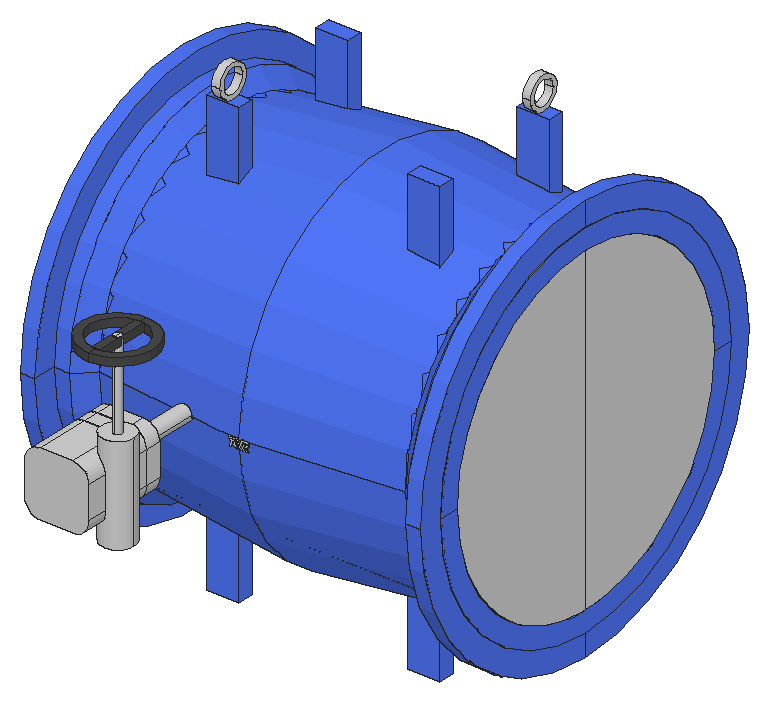
Revit family "872-00-001-DN80-1600", category Pipe Accessories, Revit 2019
Family settings
  Round Connector Dimension = Use Diameter
  Part Type = Valve - Breaks Into
  Work Plane-Based = No
  Always vertical = Yes
  Cut with Voids When Loaded = No
  Shared = No
Parameters (values of type "DN0800_PN16")
  W = size_lookup(Search_Table, "W", 0 mm, DN)  # 1335 mm
  Search_Table = "872-00-001-DN80-1600"
  Ring_Dia_2 = Ring_Dia - 20 mm  # 60 mm
  Ring_Dia = (H3 - H3_ref)  # 80 mm
  Rf_Dia = size_lookup(Search_Table, "Rf_Dia", 0 mm, DN)  # 450 mm
  RF_Thick = 3 mm  # constant formula
  L2 = L / 4  # 250 mm
  L1 = L / 2 - Flange_thickness  # 460 mm
  L = size_lookup(Search_Table, "L", 0 mm, DN)  # 1000 mm
  ID_ref_3 = ID_ref * 1.5  # 240 mm
  ID_ref_4 = ID_ref_2  # 80 mm
  ID_ref_2 = ID_ref / 2  # 80 mm
  ID_ref = size_lookup(Search_Table, "ID_ref", 0 mm, DN)  # 160 mm
  ID = DN / 2  # 400.5 mm
  H3_ref = size_lookup(Search_Table, "H3", 0 mm, DN) - ID_ref_4  # 1100 mm
  H3 = size_lookup(Search_Table, "H3", 0 mm, DN)  # 1180 mm
  Flange_thickness_ref_2 = Flange_thickness_ref / 2  # 10 mm
  Flange_thickness_ref = Flange_thickness / 2  # 20 mm
  Flange_thickness = size_lookup(Search_Table, "Flange_thickness", 0 mm, DN)  # 40 mm
  DN = 801 mm
  Fillet_thickness = if(DN > 199 mm, Flange_thickness, if(DN > 49 mm, Flange_thickness / 2, Flange_thickness / 2))  # 40 mm
  FOD_ref_2 = FOD / 3  # 169.167 mm
  FOD_ref = ID + Body_wallthickness  # 410.5 mm
  FOD = size_lookup(Search_Table, "FOD", 0 mm, DN) / 2  # 507.5 mm
  URL product pages = "https://www.avkvalves.com/P.aspx?no=87200800010900100100"
  Description_ = "AVK NEEDLE VALVE"
  DN900_PN16 = "872-0900-00-10100100000"
  DN900_PN10 = "872-0900-00-00100100000"
  DN800_PN16 = "872-0800-00-10100100000"
  DN800_PN10 = "872-0800-00-00100100000"
  DN700_PN16 = "872-0700-00-10100100000"
  DN700_PN10 = "872-0700-00-00100100000"
  DN600_PN16 = "872-0600-00-10100100000"
  DN600_PN10 = "872-0600-00-00100100000"
  DN500_PN16 = "872-0500-00-10100100000"
  DN500_PN10 = "872-0500-00-00100100000"
  DN450_PN16 = "872-0450-00-10100100000"
  DN450_PN10 = "872-0450-00-00100100000"
  DN400_PN16 = "872-0400-00-10100100000"
  DN400_PN10 = "872-0400-00-00100100000"
  DN350_PN16 = "872-0350-00-10100100000"
  DN350_PN10 = "872-0350-00-00100100000"
  DN300_PN16 = "872-0300-00-10100100000"
  DN300_PN10 = "872-0300-00-00100100000"
  DN250_PN16 = "872-0250-00-10100100000"
  DN250_PN10 = "872-0250-00-00100100000"
  DN200_PN16 = "872-0200-00-10100100000"
  DN200_PN10 = "872-0200-00-00100100000"
  DN1600_PN16 = "872-1600-00-10100100000"
  DN1600_PN10 = "872-1600-00-00100100000"
  DN150_PN10/16 = "872-0150-00-10900100100"
  DN1400_PN16 = "872-1400-00-10100100000"
  DN1400_PN10 = "872-1400-00-00100100000"
  DN1200_PN16 = "872-1200-00-10100100000"
  DN1200_PN10 = "872-1200-00-00100100000"
  DN100_PN10/16 = "872-0100-00-10900100100"
  DN1000_PN16 = "872-1000-00-10100100000"
  DN1000_PN10 = "872-1000-00-00100100000"
  DN080_PN10/16 = "872-0080-00-10900100100"
  D = size_lookup(Search_Table, "D", 0 mm, DN)  # 350 mm
  Body_wallthickness = 10 mm  # constant formula
  B = size_lookup(Search_Table, "B", 0 mm, DN)  # 335 mm
  A_ref = (FOD + A + W) / 2  # 1246.25 mm
  A = size_lookup(Search_Table, "A", 0 mm, DN)  # 650 mm
  (A_ref+W)/2 = (A_ref + W) / 2  # 1290.625 mm
Types (34, lengths in mm): name | W | Ring_Dia_2 | Ring_Dia | Rf_Dia | L2 | L1 | L | ID_ref_3 | ID_ref_4 | ID_ref_2 | ID_ref | ID | H3_ref | H3 | Flange_thickness_ref_2 | Flange_thickness_ref | Flange_thickness | DN | Fillet_thickness | FOD_ref_2 | FOD_ref | FOD | D | B | A_ref | A | (A_ref+W)/2
  (no name) | 1335 | 60 | 80 | 450 | 250 | 460 | 1000 | 240 | 80 | 80 | 160 | 400.5 | 1100 | 1180 | 10 | 20 | 40 | 801 | 40 | 169.167 | 410.5 | 507.5 | 350 | 335 | 1246.25 | 650 | 1290.625
  DN0080_PN10/16 | 330 | 15 | 35 | 66 | 65 | 111 | 260 | 105 | 35 | 35 | 70 | 40 | 195 | 230 | 4.75 | 9.5 | 19 | 80 | 9.5 | 31.667 | 50 | 95 | 100 | 117 | 275 | 125 | 302.5
  DN0100_PN10/16 | 360 | 15 | 35 | 78 | 75 | 131 | 300 | 105 | 35 | 35 | 70 | 50 | 195 | 230 | 4.75 | 9.5 | 19 | 100 | 9.5 | 36.667 | 60 | 110 | 120 | 117 | 307.5 | 145 | 333.75
  DN0150_PN10/16 | 425 | 15 | 35 | 106 | 87.5 | 156 | 350 | 105 | 35 | 35 | 70 | 75 | 260 | 295 | 4.75 | 9.5 | 19 | 150 | 9.5 | 47.5 | 85 | 142.5 | 135 | 150 | 371.25 | 175 | 398.125
  DN0200_PN10 | 500 | 25 | 45 | 133 | 100 | 180 | 400 | 135 | 45 | 45 | 90 | 100 | 380 | 425 | 5 | 10 | 20 | 200 | 20 | 56.667 | 110 | 170 | 150 | 150 | 445 | 220 | 472.5
  DN0200_PN16 | 500 | 27.5 | 47.5 | 133 | 100 | 180 | 400 | 142.5 | 47.5 | 47.5 | 95 | 100.05 | 377.5 | 425 | 5 | 10 | 20 | 200.1 | 20 | 56.667 | 110.05 | 170 | 150 | 150 | 445 | 220 | 472.5
  DN0250_PN10 | 565 | 40 | 60 | 160 | 112.5 | 203 | 450 | 180 | 60 | 60 | 120 | 125 | 415 | 475 | 5.5 | 11 | 22 | 250 | 22 | 66.667 | 135 | 200 | 165 | 150 | 512.5 | 260 | 538.75
  DN0250_PN16 | 570 | 40 | 60 | 160 | 112.5 | 203 | 450 | 180 | 60 | 60 | 120 | 125.05 | 415 | 475 | 5.5 | 11 | 22 | 250.1 | 22 | 66.667 | 135.05 | 200 | 165 | 150 | 515 | 260 | 542.5
  DN0300_PN10 | 655 | 45 | 65 | 185 | 125 | 225.5 | 500 | 195 | 65 | 65 | 130 | 150 | 470 | 535 | 6.125 | 12.25 | 24.5 | 300 | 24.5 | 75.833 | 160 | 227.5 | 185 | 155 | 593.75 | 305 | 624.375
  DN0300_PN16 | 655 | 45 | 65 | 185 | 125 | 225.5 | 500 | 195 | 65 | 65 | 130 | 150.05 | 470 | 535 | 6.125 | 12.25 | 24.5 | 300.1 | 24.5 | 75.833 | 160.05 | 227.5 | 185 | 155 | 593.75 | 305 | 624.375
  DN0350_PN10 | 720 | 55 | 75 | 215 | 137.5 | 248.5 | 550 | 225 | 75 | 75 | 150 | 175 | 520 | 595 | 6.625 | 13.25 | 26.5 | 350 | 26.5 | 86.667 | 185 | 260 | 205 | 170 | 662.5 | 345 | 691.25
  DN0350_PN16 | 725 | 55 | 75 | 215 | 137.5 | 248.5 | 550 | 225 | 75 | 75 | 150 | 175.05 | 520 | 595 | 6.625 | 13.25 | 26.5 | 350.1 | 26.5 | 86.667 | 185.05 | 260 | 205 | 170 | 665 | 345 | 695
  DN0400_PN10 | 825 | 55 | 75 | 240 | 150 | 272 | 600 | 225 | 75 | 75 | 150 | 200 | 585 | 660 | 7 | 14 | 28 | 400 | 28 | 96.667 | 210 | 290 | 235 | 300 | 750 | 385 | 787.5
  DN0400_PN16 | 825 | 55 | 75 | 240 | 150 | 272 | 600 | 225 | 75 | 75 | 150 | 200.05 | 585 | 660 | 7 | 14 | 28 | 400.1 | 28 | 96.667 | 210.05 | 290 | 235 | 300 | 750 | 385 | 787.5
  DN0450_PN10 | 875 | 55 | 75 | 274 | 162.5 | 295 | 650 | 225 | 75 | 75 | 150 | 225 | 670 | 745 | 7.5 | 15 | 30 | 450 | 30 | 106.667 | 235 | 320 | 240 | 300 | 805 | 415 | 840
  DN0450_PN16 | 885 | 55 | 75 | 274 | 162.5 | 295 | 650 | 225 | 75 | 75 | 150 | 225.05 | 670 | 745 | 7.5 | 15 | 30 | 450.1 | 30 | 106.667 | 235.05 | 320 | 240 | 300 | 810 | 415 | 847.5
  DN0500_PN10 | 935 | 55 | 75 | 291 | 175 | 318.5 | 700 | 225 | 75 | 75 | 150 | 250 | 710 | 785 | 7.875 | 15.75 | 31.5 | 500 | 31.5 | 119.167 | 260 | 357.5 | 245 | 300 | 868.75 | 445 | 901.875
  DN0500_PN16 | 950 | 55 | 75 | 291 | 175 | 318.5 | 700 | 225 | 75 | 75 | 150 | 250.05 | 710 | 785 | 7.875 | 15.75 | 31.5 | 500.1 | 31.5 | 119.167 | 260.05 | 357.5 | 245 | 300 | 876.25 | 445 | 913.125
  DN0600_PN10 | 1060 | 60 | 80 | 360 | 200 | 364 | 800 | 240 | 80 | 80 | 160 | 300 | 845 | 925 | 9 | 18 | 36 | 600 | 36 | 140 | 310 | 420 | 280 | 300 | 992.5 | 505 | 1026.25
  DN0600_PN16 | 1070 | 60 | 80 | 360 | 200 | 364 | 800 | 240 | 80 | 80 | 160 | 300.05 | 845 | 925 | 9 | 18 | 36 | 600.1 | 36 | 140 | 310.05 | 420 | 280 | 300 | 997.5 | 505 | 1033.75
  DN0700_PN10 | 1185 | 60 | 80 | 397 | 225 | 410 | 900 | 240 | 80 | 80 | 160 | 350 | 965 | 1045 | 10 | 20 | 40 | 700 | 40 | 149.167 | 360 | 447.5 | 315 | 305 | 1098.75 | 565 | 1141.875
  DN0700_PN16 | 1185 | 60 | 80 | 397 | 225 | 410 | 900 | 240 | 80 | 80 | 160 | 350.05 | 965 | 1045 | 10 | 20 | 40 | 700.1 | 40 | 151.667 | 360.05 | 455 | 315 | 305 | 1102.5 | 565 | 1143.75
  DN0800_PN10 | 1335 | 60 | 80 | 450 | 250 | 460 | 1000 | 240 | 80 | 80 | 160 | 400 | 1100 | 1180 | 10 | 20 | 40 | 800 | 40 | 169.167 | 410 | 507.5 | 350 | 305 | 1246.25 | 650 | 1290.625
  DN0800_PN16 | 1335 | 60 | 80 | 450 | 250 | 460 | 1000 | 240 | 80 | 80 | 160 | 400.5 | 1100 | 1180 | 10 | 20 | 40 | 801 | 40 | 169.167 | 410.5 | 507.5 | 350 | 335 | 1246.25 | 650 | 1290.625
  DN0900_PN10 | 1440 | 65 | 85 | 500 | 275 | 510 | 1100 | 255 | 85 | 85 | 170 | 450 | 1235 | 1320 | 10 | 20 | 40 | 900 | 40 | 185.833 | 460 | 557.5 | 385 | 335 | 1356.25 | 715 | 1398.125
  DN0900_PN16 | 1440 | 65 | 85 | 500 | 275 | 510 | 1100 | 255 | 85 | 85 | 170 | 450 | 1235 | 1320 | 10 | 20 | 40 | 900 | 40 | 185.833 | 460 | 557.5 | 385 | 335 | 1356.25 | 715 | 1398.125
  DN1000_PN10 | 1590 | 70 | 90 | 556 | 300 | 560 | 1200 | 270 | 90 | 90 | 180 | 500 | 1400 | 1490 | 10 | 20 | 40 | 1000 | 40 | 205 | 510 | 615 | 400 | 510 | 1482.5 | 760 | 1536.25
  DN1000_PN16 | 1590 | 70 | 90 | 556 | 300 | 560 | 1200 | 270 | 90 | 90 | 180 | 500 | 1400 | 1490 | 10 | 20 | 40 | 1000 | 40 | 205 | 510 | 615 | 400 | 510 | 1482.5 | 760 | 1536.25
  DN1200_PN10 | 1810 | 70 | 90 | 666 | 350 | 660 | 1400 | 270 | 90 | 90 | 180 | 600 | 1620 | 1710 | 10 | 20 | 40 | 1200 | 40 | 242.5 | 610 | 727.5 | 415 | 510 | 1703.75 | 870 | 1756.875
  DN1200_PN16 | 1810 | 70 | 90 | 666 | 350 | 650 | 1400 | 270 | 90 | 90 | 180 | 600.05 | 1620 | 1710 | 12.5 | 25 | 50 | 1200.1 | 50 | 247.5 | 610.05 | 742.5 | 415 | 510 | 1711.25 | 870 | 1760.625
  DN1400_PN10 | 2100 | 75 | 95 | 763 | 400 | 750 | 1600 | 285 | 95 | 95 | 190 | 700 | 1865 | 1960 | 12.5 | 25 | 50 | 1400 | 50 | 279.167 | 710 | 837.5 | 480 | 510 | 1968.75 | 1000 | 2034.375
  DN1400_PN16 | 2100 | 75 | 95 | 763 | 400 | 750 | 1600 | 285 | 95 | 95 | 190 | 700.05 | 1865 | 1960 | 12.5 | 25 | 50 | 1400.1 | 50 | 280.833 | 710.05 | 842.5 | 480 | 610 | 1971.25 | 1000 | 2035.625
  DN1600_PN10 | 2440 | 75 | 95 | 875 | 450 | 850 | 1800 | 285 | 95 | 95 | 190 | 800 | 2135 | 2230 | 12.5 | 25 | 50 | 1600 | 50 | 319.167 | 810 | 957.5 | 625 | 610 | 2275.25 | 1153 | 2357.625
  DN1600_PN16 | 2440 | 75 | 95 | 875 | 450 | 840 | 1800 | 285 | 95 | 95 | 190 | 800.05 | 2135 | 2230 | 15 | 30 | 60 | 1600.1 | 60 | 321.667 | 810.05 | 965 | 625 | 741 | 2279 | 1153 | 2359.5
Reference planes
  plane 1 "Center (Front/Back)": y = 0
  plane 2: z = 0
  plane 3 "Center (Left/Right)": x = 0
  plane 4: y = 450
  plane 5: y = 410.5
  plane 6: x = -460
  plane 7: x = -420
  plane 8: x = -380
  plane 9: x = 460
  plane 10: x = 420
  plane 11: x = 380
  plane 12: z = 550
  plane 13: z = -550
  plane 14: x = -250
  plane 15: x = 250
  plane 16: y = 507.5
  plane 17: y = -507.5
  plane 18: y = 169.167
  plane 19: y = -169.167
  plane 20: y = -827.5
  plane 21: y = -650
  plane 22: x = -500
  plane 23: x = 275
  plane 24: x = -150
  plane 25: z = 80
  plane 26: x = -70
  plane 27: z = -80
  plane 28: x = -230
  plane 29: x = -190
  plane 30: z = 40
  plane 31: x = -110
  plane 32: z = 40
  plane 33: z = -40
  plane 34: x = -190
  plane 35: x = -110
  plane 36: z = -40
  plane 37: x = -230
  plane 38: x = -70
  plane 39: y = -192.875
  plane 40: y = -1141.875
  plane 41: x = 500
  plane 42: y = -738.75
  plane 43: z = 120
  plane 44: z = -120
  plane 45: z = 335
  plane 46: x = -26.25
  plane 47: x = 21.25
  plane 48: y = -728.75
  plane 49: y = -748.75
  plane 50: y = -670
  plane 51: y = -807.5
  plane 52: y = -650
  plane 53: z = 630
  plane 54: z = 590
  plane 55: z = 590
  plane 56: z = -507.5
  plane 57: x = -240
  plane 58: x = -260
  plane 59: x = 240
  plane 60: x = 260
Forms (mm)
  Revolve 1, solid, material "Plastic"
    sketch origin (0, 0, 0) x (1, 0, 0) y (0, 1, 0)
      loop
        line (-460, 507.5) -> (-500, 507.5) -> (-500, 400.5) -> (500, 400.5) -> (500, 507.5) -> (460, 507.5) -> (460, 410.5) -> (-460, 410.5) -> (-460, 507.5)
      axis (500, 0) -> (-500, 0)
    angle from 0 to 360
  Revolve 2, solid, material "Plastic"
    sketch origin (0, 0, 0) x (1, 0, 0) y (0, 1, 0)
      loop
        line (-460, 410.5) -> (-380, 410.5) -> (-420, 450) -> (-460, 450) -> (-460, 410.5)
      loop
        line (460, 410.5) -> (460, 450) -> (420, 450) -> (380, 410.5) -> (460, 410.5)
      axis (-460, 0) -> (460, 0)
    angle from 0 to 360
  Revolve 3, solid, material "Plastic"
    sketch origin (0, 0, 0) x (1, 0, 0) y (0, 1, 0)
      loop
        line (-380, 410.5) -> (380, 410.5)
        arc (380, 410.5) -> (191.03, 440.158) -> (0, 450) r 1836.585
        arc (0, 450) -> (-191.03, 440.158) -> (-380, 410.5) r 1836.585
      axis (-380, 0) -> (380, 0)
    angle from 0 to 360
  Extrusion 4, solid, material "Plastic"
    sketch origin (0, 0, 0) x (1, 0, 0) y (0, 1, 0)
      loop
        line (-290, 189.167) -> (-290, 149.167) -> (-210, 149.167) -> (-210, 189.167) -> (-290, 189.167)
      loop
        line (210, 189.167) -> (210, 149.167) -> (290, 149.167) -> (290, 189.167) -> (210, 189.167)
      loop
        line (-290, -149.167) -> (-290, -189.167) -> (-210, -189.167) -> (-210, -149.167) -> (-290, -149.167)
      loop
        line (210, -149.167) -> (210, -189.167) -> (290, -189.167) -> (290, -149.167) -> (210, -149.167)
    from -550 to 550
  Extrusion 5, solid, material "Stainless Steel AISI 304"
    sketch origin (0, 0, 0) x (1, 0, 0) y (0, 0, 1)
      loop
        circle (-150, 0) r 20
    from 0 to 650
  Extrusion 6, solid, material "Stainless Steel AISI 304"
    sketch origin (0, 0, 0) x (1, 0, 0) y (0, 0, 1)
      loop
        arc (-190, 80) -> (-218.284, 68.284) -> (-230, 40) r 40
        line (-230, 40) -> (-230, -40)
        arc (-230, -40) -> (-218.284, -68.284) -> (-190, -80) r 40
        line (-190, -80) -> (-110, -80)
        arc (-110, -80) -> (-81.716, -68.284) -> (-70, -40) r 40
        line (-70, -40) -> (-70, 40)
        arc (-70, 40) -> (-81.716, 68.284) -> (-110, 80) r 40
        line (-110, 80) -> (-190, 80)
    from 610 to 650
  Extrusion 7, solid, material "Stainless Steel AISI 304"
    sketch origin (0, 0, 0) x (1, 0, 0) y (0, 0, 1)
      loop
        arc (-190, 80) -> (-218.284, 68.284) -> (-230, 40) r 40
        line (-230, 40) -> (-230, -40)
        arc (-230, -40) -> (-218.284, -68.284) -> (-190, -80) r 40
        line (-190, -80) -> (-110, -80)
        arc (-110, -80) -> (-81.716, -68.284) -> (-70, -40) r 40
        line (-70, -40) -> (-70, 40)
        arc (-70, 40) -> (-81.716, 68.284) -> (-110, 80) r 40
        line (-110, 80) -> (-190, 80)
    from 690 to 650
  Extrusion 8, solid, material "Stainless Steel AISI 304"
    sketch origin (0, 0, 0) x (1, 0, 0) y (0, 0, 1)
      loop
        line (-110, 80) -> (-190, 80)
        arc (-190, 80) -> (-218.284, 68.284) -> (-230, 40) r 40
        line (-230, 40) -> (-230, -40)
        arc (-230, -40) -> (-218.284, -68.284) -> (-190, -80) r 40
        line (-190, -80) -> (-110, -80)
        arc (-110, -80) -> (-81.716, -68.284) -> (-70, -40) r 40
        line (-70, -40) -> (-70, 40)
        arc (-70, 40) -> (-81.716, 68.284) -> (-110, 80) r 40
    from 690 to 827.5
  Extrusion 9, solid, material "Stainless Steel AISI 304"
    sketch origin (0, 0, 0) x (1, 0, 0) y (0, 1, 0)
      loop
        circle (-70, -738.75) r 40
    from -120 to 120
  Revolve 10, solid, material "Stainless Steel AISI 304"
    sketch origin (-70, -1524, 0) x (0, 0, -1) y (0, -1, 0)
      loop
        line (-335, -785.25) -> (-335, -795.25) -> (-120, -795.25) -> (-120, -785.25) -> (-335, -785.25)
      axis (-335, -785.25) -> (-120, -785.25)
    angle from 0 to 360
  Revolve 11, solid, material "Stainless Steel AISI 304(1)"
    sketch origin (-70, -1524, 0) x (0, 0, -1) y (0, -1, 0)
      loop
        line (-335, -854) -> (-335, -874) -> (-315, -874) -> (-315, -854) -> (-335, -854)
      axis (-335, -785.25) -> (-315, -785.25)
    angle from 0 to 360
  Extrusion 12, solid, material "Stainless Steel AISI 304(1)"
    sketch origin (0, 0, 0) x (1, 0, 0) y (0, 1, 0)
      loop
        line (-80, -670) -> (-80, -807.5) -> (-60, -807.5) -> (-60, -670) -> (-80, -670)
    from 315 to 335
  Extrusion 13, solid, material "Stainless Steel AISI 304"
    sketch origin (-250, 75.864, 1200) x (0, 1, 0) y (0, 0, 1)
      loop
        circle (93.303, -610) r 40
      loop
        circle (93.303, -610) r 30
    from 490 to 510
  Extrusion 14, solid, material "Stainless Steel AISI 304"
    sketch origin (-250, 75.864, 1200) x (0, 1, 0) y (0, 0, 1)
      loop
        circle (-245.03, -610) r 40
      loop
        circle (-245.03, -610) r 30
    from -10 to 10
  Revolve 15, solid, material "Stainless Steel AISI 304"
    sketch origin (0, 0, 0) x (1, 0, 0) y (0, 0, 1)
      loop
        line (-500, 400.5) -> (-500, 0) -> (500, 0) -> (500, 400.5) -> (-500, 400.5)
      axis (-500, 0) -> (500, 0)
    angle from 0 to 360
  Revolve 16, void
    sketch origin (0, 0, 0) x (1, 0, 0) y (0, 0, 1)
      loop
        line (500, 507.5) -> (497, 507.5) -> (497, 450) -> (500, 450) -> (500, 507.5)
      loop
        line (-500, 507.5) -> (-500, 450) -> (-497, 450) -> (-497, 507.5) -> (-500, 507.5)
      axis (500, 0) -> (-500, 0)
    angle from 0 to 360
Cuts and joins
  Revolve 16 cuts Revolve 1
Dimensions and locks
  equal spacing: Revolve 1 sketch curve, plane 3 "Center (Left/Right)", Revolve 1 sketch curve
  "L": Revolve 1 sketch curve to Revolve 1 sketch curve
  "Flange_thickness": Revolve 1 sketch curve to Revolve 1 sketch curve  (x2)
  "Body_wallthickness": Revolve 1 sketch curve to Revolve 1 sketch curve
  "ID": plane 1 "Center (Front/Back)" to Revolve 1 sketch curve
  "Rf_Dia": plane 1 "Center (Front/Back)" to plane 4
  "FOD_ref": plane 5 to plane 1 "Center (Front/Back)"
  "L1": plane 6 to plane 3 "Center (Left/Right)"
  "Flange_thickness": plane 6 to plane 7
  "Flange_thickness": plane 7 to plane 8
  "L1": plane 3 "Center (Left/Right)" to plane 9
  "Flange_thickness": plane 10 to plane 9
  "Flange_thickness": plane 11 to plane 10
  "FOD": plane 1 "Center (Front/Back)" to Revolve 1 sketch curve
  equal spacing: plane 12, level, plane 13
  "H3_ref": plane 12 to plane 13
  equal spacing: plane 14, plane 3 "Center (Left/Right)", plane 15
  "L2": plane 14 to plane 3 "Center (Left/Right)"
  "FOD": plane 1 "Center (Front/Back)" to plane 16
  equal spacing: plane 17, plane 1 "Center (Front/Back)", plane 16
  equal spacing: plane 18, plane 1 "Center (Front/Back)", plane 19
  "FOD_ref_2": plane 18 to plane 1 "Center (Front/Back)"
  equal spacing: Extrusion 4 sketch curve, plane 18, Extrusion 4 sketch curve  (x2)
  equal spacing: Extrusion 4 sketch curve, plane 19, Extrusion 4 sketch curve  (x2)
  "Flange_thickness": Extrusion 4 sketch curve to Extrusion 4 sketch curve  (x4)
  equal spacing: Extrusion 4 sketch curve, plane 14, Extrusion 4 sketch curve  (x2)
  equal spacing: Extrusion 4 sketch curve, plane 15, Extrusion 4 sketch curve  (x2)
  "Flange_thickness": Extrusion 4 sketch curve to plane 14  (x2)
  "Flange_thickness": plane 15 to Extrusion 4 sketch curve  (x2)
  "W": plane 20 to plane 16
  "A": plane 21 to plane 1 "Center (Front/Back)"
  plane 12 to plane 13 = 1100 mm
  "D": plane 22 to plane 24
  "D": plane 22 to Extrusion 5 sketch curve
  "Fillet_thickness": plane 25 to plane 32
  "Fillet_thickness": plane 36 to plane 27
  "Fillet_thickness": plane 26 to plane 35
  "Fillet_thickness": plane 34 to plane 28
  "Fillet_thickness": plane 33 to plane 27
  "Fillet_thickness": plane 25 to plane 30
  "Fillet_thickness": plane 29 to plane 28
  "Fillet_thickness": plane 31 to plane 26
  equal spacing: plane 26, plane 24, plane 28
  equal spacing: plane 25, level, plane 27
  "ID_ref": plane 26 to plane 28
  "ID_ref": plane 25 to plane 27
  "Flange_thickness": plane 21 to Extrusion 6
  "Flange_thickness": Extrusion 7 to plane 21
  equal spacing: plane 37, plane 24, plane 38
  "ID_ref": plane 37 to plane 38
  equal spacing: plane 22, plane 3 "Center (Left/Right)", plane 41
  "L": plane 22 to plane 41
  "A_ref": plane 42 to plane 16
  "A_ref": Extrusion 9 sketch curve to plane 16
  "ID_ref": plane 37 to Extrusion 9 sketch curve
  "ID_ref_3": plane 43 to plane 44
  equal spacing: plane 43, level, plane 44
  "B": plane 45 to level
  equal spacing: plane 49, plane 42, plane 48
  "Flange_thickness_ref": plane 49 to plane 48
  "Flange_thickness_ref": plane 45 to Revolve 11 sketch curve
  "Flange_thickness_ref": Revolve 11 sketch curve to Revolve 11 sketch curve
  "Flange_thickness_ref": plane 51 to plane 20
  equal spacing: plane 52, plane 42, plane 20
  "Flange_thickness_ref": plane 52 to plane 50
  equal spacing: Extrusion 12 sketch curve, plane 38, Extrusion 12 sketch curve
  "Flange_thickness_ref": Extrusion 12 sketch curve to Extrusion 12 sketch curve
  equal spacing: plane 53, plane 54, plane 12
  equal spacing: plane 53, plane 55, plane 12
  "FOD_ref_2": plane 1 "Center (Front/Back)" to Extrusion 13 sketch curve
  "FOD": level to plane 56
  "H3": plane 53 to plane 13
  "FOD_ref_2": Extrusion 14 sketch curve to plane 1 "Center (Front/Back)"
  "Flange_thickness_ref_2": plane 14 to plane 58
  "Flange_thickness_ref_2": plane 57 to plane 14
  "Flange_thickness_ref_2": plane 15 to plane 59
  "Flange_thickness_ref_2": plane 60 to plane 15
  "ID": Revolve 15 sketch curve to level
  "FOD": Revolve 16 sketch curve to level
  "Rf_Dia": Revolve 16 sketch curve to level
  "RF_Thick": cut or joined group of Revolve 1, Revolve 16 to Revolve 16 sketch curve
  "RF_Thick": Revolve 16 sketch curve to cut or joined group of Revolve 1, Revolve 16
  plane 53 to plane 13 = 1180 mm
  "Flange_thickness": diameter of Extrusion 5 sketch curve
  "ID_ref_2": diameter of Extrusion 9 sketch curve
  "Ring_Dia": diameter of Extrusion 13 sketch curve
  "Ring_Dia_2": diameter of Extrusion 13 sketch curve
  "Ring_Dia": diameter of Extrusion 14 sketch curve
  "Ring_Dia_2": diameter of Extrusion 14 sketch curve
  aligned and locked: level to plane 2
  aligned and locked: plane 1 "Center (Front/Back)" to Revolve 1 sketch curve
  aligned and locked: plane 5 to Revolve 2 sketch curve  (x2)
  aligned and locked: plane 4 to Revolve 2 sketch curve
  aligned and locked: plane 1 "Center (Front/Back)" to Revolve 2 sketch curve
  aligned and locked: plane 6 to Revolve 2 sketch curve
  aligned and locked: Revolve 2 sketch curve to plane 4  (x3)
  aligned and locked: Revolve 2 sketch curve to plane 7
  aligned and locked: Revolve 2 sketch curve to plane 6
  aligned and locked: plane 8 to Revolve 2 sketch curve
  aligned and locked: Revolve 2 sketch curve to plane 10
  aligned and locked: Revolve 2 sketch curve to plane 9  (x2)
  aligned and locked: Revolve 2 sketch curve to plane 5  (x2)
  aligned and locked: Revolve 2 sketch curve to plane 11
  aligned and locked: Revolve 1 sketch curve to Revolve 1 sketch curve
  aligned and locked: plane 8 to Revolve 3 sketch curve
  aligned and locked: plane 5 to Revolve 3 sketch curve
  aligned and locked: plane 4 to Revolve 3 sketch curve
  aligned and locked: Revolve 3 sketch curve to plane 11
  aligned and locked: plane 3 "Center (Left/Right)" to Revolve 3 sketch curve
  aligned and locked: Revolve 3 sketch curve to plane 5
  aligned and locked: plane 1 "Center (Front/Back)" to Revolve 3 sketch curve
  aligned and locked: plane 12 to Extrusion 4
  aligned and locked: Extrusion 4 to plane 13
  aligned and locked: Extrusion 5 to plane 21
  aligned and locked: plane 29 to Extrusion 6 sketch curve
  aligned and locked: plane 25 to Extrusion 6 sketch curve  (x2)
  aligned and locked: plane 30 to Extrusion 6 sketch curve
  aligned and locked: plane 28 to Extrusion 6 sketch curve  (x2)
  aligned and locked: plane 31 to Extrusion 6 sketch curve
  aligned and locked: plane 26 to Extrusion 6 sketch curve  (x2)
  aligned and locked: plane 32 to Extrusion 6 sketch curve
  aligned and locked: plane 36 to Extrusion 6 sketch curve
  aligned and locked: plane 27 to Extrusion 6 sketch curve  (x2)
  aligned and locked: plane 35 to Extrusion 6 sketch curve
  aligned and locked: plane 34 to Extrusion 6 sketch curve
  aligned and locked: Extrusion 6 sketch curve to plane 33
  aligned and locked: Extrusion 6 to plane 21
  aligned and locked: Extrusion 7 sketch curve to Extrusion 6  (x4)
  aligned and locked: Extrusion 7 to plane 21
  aligned and locked: Extrusion 8 sketch curve to Extrusion 7  (x4)
  aligned and locked: Extrusion 8 to plane 20
  aligned and locked: Extrusion 8 to Extrusion 7
  aligned and locked: plane 43 to Extrusion 9
  aligned and locked: plane 44 to Extrusion 9
  aligned and locked: Revolve 10 sketch curve to plane 45
  aligned and locked: plane 42 to Revolve 10 sketch curve
  aligned and locked: plane 43 to Revolve 10 sketch curve
  aligned and locked: Revolve 10 sketch curve to plane 48
  aligned and locked: Revolve 10 sketch curve to Revolve 10 sketch curve
  aligned and locked: Revolve 10 to Revolve 11 sketch curve
  aligned and locked: Revolve 11 sketch curve to plane 21
  aligned and locked: Revolve 11 sketch curve to plane 42
  aligned and locked: plane 52 to Extrusion 6
  aligned and locked: Extrusion 12 sketch curve to plane 50
  aligned and locked: plane 51 to Extrusion 12 sketch curve
  aligned and locked: plane 45 to Extrusion 12
  aligned and locked: Extrusion 12 to Revolve 11
  aligned and locked: plane 57 to Extrusion 14
  aligned and locked: Extrusion 14 to plane 58
  aligned and locked: Extrusion 13 to plane 59
  aligned and locked: plane 60 to Extrusion 13
  aligned and locked: Revolve 15 sketch curve to Revolve 1  (x3)
  aligned and locked: Revolve 15 sketch curve to Revolve 15 sketch curve
  aligned and locked: Revolve 16 sketch curve to Revolve 16 sketch curve  (x2)
  aligned and locked: plane 41 to Revolve 16 sketch curve
  aligned and locked: level to Revolve 16 sketch curve
Automatic sketch dimensions
  Revolve 2 sketch curve to plane 3 "Center (Left/Right)" = 13 mm
  plane 3 "Center (Left/Right)" to Revolve 2 sketch curve = 22 mm
  Revolve 3 sketch curve to plane 3 "Center (Left/Right)" = 1.145 mm
  plane 3 "Center (Left/Right)" to Revolve 3 sketch curve = 1.145 mm
  Revolve 3 sketch curve to plane 3 "Center (Left/Right)" = 30 mm
  plane 3 "Center (Left/Right)" to Revolve 3 sketch curve = 50 mm
  Revolve 1 sketch curve to plane 3 "Center (Left/Right)" = 0 mm
  Revolve 1 sketch curve to Revolve 1 sketch curve = 0.413 mm
  Extrusion 5 sketch curve to level = 0 mm
  Revolve 10 sketch curve to plane 12 = 6.75 mm
  plane 53 to Revolve 10 sketch curve = 6.25 mm
  Revolve 11 sketch curve to plane 12 = 11.75 mm
  plane 53 to Revolve 11 sketch curve = 4.5 mm
  Extrusion 13 sketch curve to Extrusion 13 sketch curve = 0 mm  (x2)
  plane 54 to Extrusion 13 sketch curve = 0 mm
  Extrusion 14 sketch curve to Extrusion 14 sketch curve = 0 mm  (x2)
  Extrusion 14 sketch curve to plane 54 = 0 mm
  Revolve 15 sketch curve to plane 3 "Center (Left/Right)" = 0 mm
  Revolve 15 sketch curve to plane 47 = 8.75 mm
  Revolve 16 sketch curve to plane 22 = 0 mm
  plane 3 "Center (Left/Right)" to Revolve 16 sketch curve = 1.6 mm
  Revolve 16 sketch curve to plane 47 = 16.75 mm
Nested families
  nested 1: "LOGO - Copy - Copy" at (0.857, -448.889, -31.604) x (1, -0.0002, 0) z (-0.0002, -0.9975, -0.0702), type "LOGO - Copy - Copy"
Connectors
  piping at (500, 0, 0), diameter 801, driven by "DN"
    settings: on Revolve 1, index 1, connector inside diameter 609.6 mm, connector length 0 mm, flow factor 0, pipe flow 0.0 L/s, pressure drop 0.0 Pa, fitting loss kfactor 0, connector angle 0.00°, fixture units 0, engagement length 0 mm, angle of deflection 0.00°, flow configuration 0, flow direction 0, fitting loss method 0, system type 7, joint type 0, gender type 0, connector reference index -1, connector utility 0, adjustable connector no, is connector primary yes, connector description ""
  piping at (-500, 0, 0), diameter 801, driven by "DN"
    settings: on Revolve 1, index 2, connector inside diameter 609.6 mm, connector length 0 mm, flow factor 0, pipe flow 0.0 L/s, pressure drop 0.0 Pa, fitting loss kfactor 0, connector angle 0.00°, fixture units 0, engagement length 0 mm, angle of deflection 0.00°, flow configuration 0, flow direction 0, fitting loss method 0, system type 7, joint type 0, gender type 0, connector reference index -1, connector utility 0, adjustable connector no, is connector primary no, connector description ""
Definition of nested family "LOGO - Copy - Copy"
  Parameters (values of type "LOGO - Copy - Copy")
    Default Elevation = 1219.2 mm
  Reference planes
    plane 1 "Center (Front/Back)": y = 0
    plane 2: z = 0
    plane 3 "Center (Left/Right)": x = 0
  Forms (mm)
    Extrusion 1, solid
      sketch origin (0, 0, 0) x (1, 0, 0) y (0, 1, 0)
        loop
          line (-1219.2, 1219.2) -> (-1219.2, -1219.2) -> (1219.2, -1219.2) -> (1219.2, 1219.2) -> (-1219.2, 1219.2)
      from 0 to -304.8
    Extrusion 2, solid
      sketch origin (0, 0, 0) x (1, 0, 0) y (0, 1, 0)
        loop
          line (-6.514, 34.224) -> (-24, 34.224) -> (-24, 29.481) -> (-9.766, 29.481) -> (-2.391, 11.367) -> (2.391, 11.367) -> (9.766, 29.481) -> (24, 29.481) -> (24, 34.224) -> (6.514, 34.224) -> (0, 18.224) -> (-6.514, 34.224)
        loop
          line (-10.996, 27.653) -> (-24, 27.653) -> (-24, 23.081) -> (-19.503, 23.081) -> (-24, 11.367) -> (-18.92, 11.367) -> (-17.955, 13.881) -> (-10.51, 13.881) -> (-9.486, 11.367) -> (-4.365, 11.367) -> (-10.996, 27.653)
        loop
          line (-16.777, 18.224) -> (-12.278, 18.224) -> (-14.594, 23.912) -> (-16.777, 18.224)
        loop
          line (4.365, 11.367) -> (9.486, 11.367) -> (12.093, 17.77) -> (16.918, 11.367) -> (22.857, 11.367) -> (17.399, 18.61)
          arc (17.399, 18.61) -> (20.583, 20.18) -> (22.629, 23.081) r 7.2
          line (22.629, 23.081) -> (24, 23.081) -> (24, 27.653) -> (19.429, 27.653)
          arc (19.429, 27.653) -> (17.763, 23.526) -> (13.699, 21.714) r 5.943
          line (13.699, 21.714) -> (16.117, 27.653) -> (10.996, 27.653) -> (4.365, 11.367)
      from 0 to 1
  Dimensions and locks
    aligned and locked: plane 2 to Extrusion 1
    aligned and locked: level to Extrusion 1
    aligned and locked: Extrusion 2 sketch curve to import instance
